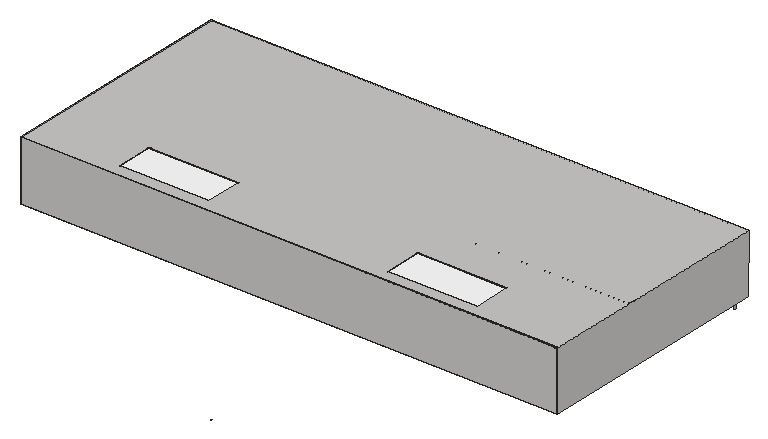
Revit family "QF_ELECTROLUXPROFESSIONAL_640207_EPF1636", category Attrezzature speciali, Revit 2021
Family settings
  Quota connettore circolare = Usa diametro
  Tipo di parte = Normale
  Basato su piano di lavoro = No
  Sempre verticale = Sì
  Taglio con vuoti quando caricato = No
  Condiviso = No
  Punto di calcolo locali = No
Parameters (values of type "Standard")
  Weight = 84.00 kg
  Watts = 0 W
  Volts = 0 V
  URL Manufacturer = "https://www.electroluxprofessional.com/"
  URL = "https://www.electroluxprofessional.com/"
  Steam Supply Size = 0 mm
  Steam Supply Minimum Pressure = 0.0 Pa
  Steam Supply Maximum Pressure = 0.0 Pa
  Steam Consumption per Hour = 0
  Refrigeration Suction Line Size = 0 mm
  Refrigeration Liquid Line Size = 0 mm
  Refrigerant Compressor Remote = yes
  Prospetto di default = 0 mm
  Produttore = "Electrolux Professional"
  Phase = 0
  Modello = "EPF1636"
  Length Actual = 3600 mm  # constant formula
  Item Number = "640207"
  Hot Water Size = 0 mm
  Height Actual = 400 mm  # constant formula
  HP = "0 HP"
  Gas Size = 0 mm
  Gas KW = 0
  Gas Input Pressure = 0 W
  Direct Waste Size = 0 mm
  Descrizione = "304 S/S WALL HOOD+FILTERS 360X160 CM"
  Depth Actual = 1600 mm  # constant formula
  Cycle = 0 Hz
  Condensate Return Size = 0 mm
  Compressed Air Volume = 0.0 L/s
  Compressed Air Size = 0 mm
  Compressed Air Pressure = 0.0 Pa
  Cold Water Size = 0 mm
  Accessory = yes
Reference planes
  plane 1: z = 0
  plane 2 "Center (Left/Right)": x = 150
  plane 3 "LEFT": x = -1650
  plane 4 "RIGHT": x = 1950
  plane 5 "BACK": y = 550
  plane 6 "TOP": z = 2400
  plane 7 "Base": z = 2000
  plane 8: z = 1970
  plane 9 "DrainY": y = 450
  plane 10: x = -1647
  plane 11: y = -720
  plane 12: y = -970
  plane 13 "DrainX": x = 1937
  plane 14 "AOLeft2": x = -450
  plane 15 "AORight1": x = 750
  plane 16: x = 1947
  plane 17: x = -1450
  plane 18: x = 1750
  plane 19: through (0, -449.6, 2399.19) normal (0, -0.5736, 0.8192)
  plane 20: x = 50
  plane 21: x = 250
  plane 22 "Center (Front/Back)": y = -250
  plane 23 "Front": y = -1050
  plane 24 "AOLeft1": x = -1050
  plane 25 "AORight2": x = 1350
Forms (mm)
  Extrusion 1, solid, material "QF_Finishes_Stainless Steel"
    sketch origin (-1650, 0, 360) x (0, 1, 0) y (0, 0, 1)
      loop
        line (550, 1640) -> (550, 2040) -> (-1050, 2040) -> (-1050, 1640) -> (550, 1640)
    from 0 to 3
  Extrusion 2, solid, material "QF_Finishes_Stainless Steel"
    sketch origin (1950, 0, 360) x (0, 1, 0) y (0, 0, 1)
      loop
        line (550, 1640) -> (550, 2040) -> (-1050, 2040) -> (-1050, 1640) -> (550, 1640)
    from 0 to -3
  Extrusion 3, solid, material "QF_Finishes_Stainless Steel"
    sketch origin (150, 0, 360) x (0, 1, 0) y (0, 0, 1)
      loop
        line (-1050, 2040) -> (-1050, 1640) -> (-1040, 1640) -> (-1040, 1640.8) -> (-1049.2, 1640.8) -> (-1049.2, 2039.19) -> (549.2, 2039.19) -> (549.2, 1640.8) -> (540, 1640.8) -> (540, 1640) -> (550, 1640) -> (550, 2040) -> (-1050, 2040)
    from -1800 to 1800
  Extrusion 4, solid, material "QF_Finishes_Stainless Steel"
    sketch origin (0, 0, 2000) x (0, 1, 0) y (-1, 0, 0)
      loop
        circle (450, -1937) r 4.763
    from -30 to 0
  Extrusion 5, void
    sketch origin (0, 0, 2400) x (0, 1, 0) y (-1, 0, 0)
      loop
        line (-720, 450) -> (-720, 1050) -> (-970, 1050) -> (-970, 450) -> (-720, 450)
    from 0 to -10
  Extrusion 6, solid, material "QF_Finishes_Stainless Steel"
    sketch origin (0, 0, 0) x (1, 0, 0) y (0, 1, 0)
      loop
        line (-1650, 550) -> (-1650, 549) -> (-1649, 549) -> (-1649, 550) -> (-1650, 550)
    from 0 to 1
  Extrusion 7, solid, material "QF_Finishes_Stainless Steel"
    sketch origin (150, 0, 360) x (0, 1, 0) y (0, 0, 1)
      loop
        line (-531.515, 1981.832) -> (-534.381, 1985.926) -> (-973.276, 1678.608) -> (-970.553, 1674.415) -> (-531.515, 1981.832)
    from -1600 to -1797
  Extrusion 8, solid, material "QF_Finishes_Stainless Steel"
    sketch origin (150, 0, 360) x (0, 1, 0) y (0, 0, 1)
      loop
        line (-1050, 2039.19) -> (-1050, 1640) -> (-1019.702, 1640) -> (-970.553, 1674.415) -> (-978.723, 1686.995) -> (-979.394, 1686.559) -> (-971.645, 1674.627) -> (-1019.955, 1640.8) -> (-1049.2, 1640.8) -> (-1049.2, 2039.19) -> (-1050, 2039.19)
      loop
        line (-449.6, 2039.19) -> (-450.995, 2039.19) -> (-531.319, 1982.947) -> (-539.464, 1994.578) -> (-540.119, 1994.12) -> (-531.515, 1981.832) -> (-449.6, 2039.19)
    from -1797 to 1797
  Extrusion 9, solid, material "QF_Finishes_Stainless Steel"
    sketch origin (150, 0, 360) x (0, 1, 0) y (0, 0, 1)
      loop
        line (-531.515, 1981.832) -> (-534.381, 1985.926) -> (-973.276, 1678.608) -> (-970.553, 1674.415) -> (-531.515, 1981.832)
    from 1797 to 1600
  Extrusion 10, solid, material "QF_Finishes_Stainless Steel"
    sketch origin (150, 0, 360) x (0, 1, 0) y (0, 0, 1)
      loop
        line (-531.515, 1981.832) -> (-534.381, 1985.926) -> (-973.276, 1678.608) -> (-970.553, 1674.415) -> (-531.515, 1981.832)
    from -100 to 100
  Extrusion 11, solid, material "QF_Finished_Chrome"
    sketch origin (150, 0, 360) x (0, 1, 0) y (0, 0, 1)
      loop
        line (-531.515, 1981.832) -> (-534.381, 1985.926) -> (-973.276, 1678.608) -> (-970.553, 1674.415) -> (-531.515, 1981.832)
    from -1600 to -100
  Extrusion 12, solid, material "QF_Finished_Chrome"
    sketch origin (150, 0, 360) x (0, 1, 0) y (0, 0, 1)
      loop
        line (-531.515, 1981.832) -> (-534.381, 1985.926) -> (-973.276, 1678.608) -> (-970.553, 1674.415) -> (-531.515, 1981.832)
    from 100 to 1600
  Sweep 13, solid, material "QF_Finishes_Stainless Steel"
    path origin (0, 0, 0) x (1, 0, 0) y (0, 1, 0)
      loop
        line (1950, 550) -> (-1650, 550) -> (-1650, -1050) -> (1950, -1050) -> (1950, 550)
    profile origin (1950, -250, 0) x (1, 0, 0) y (0, 0, 1)
      loop
        line (-3, 2000) -> (-3, 2000.8) -> (-19, 2000.8) -> (-19, 2010) -> (-20, 2010) -> (-20, 2000) -> (-3, 2000)
  Extrusion 14, solid, material "QF_Finishes_Stainless Steel"
    sketch origin (150, 0, 0) x (0, 1, 0) y (0, 0, 1)
      loop
        line (108.687, 2305.487) -> (549.2, 2040.8) -> (549.2, 2041.733) -> (109.285, 2306.061) -> (-443.438, 2399.19) -> (-445.739, 2399.19) -> (108.687, 2305.487)
    from -1797 to 1797
  Extrusion 15, void
    sketch origin (0, 0, 2400) x (0, 1, 0) y (-1, 0, 0)
      loop
        line (-720, -1350) -> (-720, -750) -> (-970, -750) -> (-970, -1350) -> (-720, -1350)
    from 0 to -10
Cuts and joins
  Extrusion 5, Extrusion 15 cuts Extrusion 3
  joined: Extrusion 2, Extrusion 3, Sweep 13
Lines and regions (mm)
  symbolic lines, style "SpecialityEquipment", detail levels coarse
    curve 1: line (1950, 550, 2400) -> (-1650, 550, 2400)
    curve 2: line (-1650, 550, 2400) -> (-1650, -1050.8, 2400)
    curve 3: line (1950, -1050.8, 2400) -> (1950, 550, 2400)
    curve 4: line (-1650, 550, 0) -> (1950, -1050, 0)
    curve 5: line (1950, 550, 0) -> (-1650, -1050, 0)
  symbolic lines, detail levels coarse
    curve 6: line (-1650, -1050, 0) -> (1950, -1050, 0)
    curve 7: line (-450, -720, 0) -> (-1050, -720, 0)
    curve 8: line (-450, -970, 0) -> (-450, -720, 0)
    curve 9: line (-1050, -970, 0) -> (-450, -970, 0)
    curve 10: line (-1050, -720, 0) -> (-1050, -970, 0)
    curve 11: line (1350, -720, 0) -> (750, -720, 0)
    curve 12: line (1350, -970, 0) -> (1350, -720, 0)
    curve 13: line (750, -970, 0) -> (1350, -970, 0)
    curve 14: line (750, -720, 0) -> (750, -970, 0)
Dimensions and locks
  plane 3 "LEFT" to plane 4 "RIGHT" = 3600 mm
  equal spacing: plane 3 "LEFT", plane 2 "Center (Left/Right)", plane 4 "RIGHT"
  plane 7 "Base" to plane 8 = 30 mm
  plane 5 "BACK" to plane 9 "DrainY" = 100 mm  (x2)
  plane 3 "LEFT" to plane 10 = 3 mm
  plane 13 "DrainX" to plane 4 "RIGHT" = 13 mm
  plane 16 to plane 4 "RIGHT" = 3 mm
  plane 3 "LEFT" to plane 17 = 200 mm
  plane 18 to plane 4 "RIGHT" = 200 mm
  locked: plane 14 "AOLeft2" to plane 15 "AORight1" at 1200
  equal spacing: plane 14 "AOLeft2", plane 2 "Center (Left/Right)", plane 15 "AORight1"
  locked: plane 7 "Base" to level at 2000
  locked: plane 6 "TOP" to plane 7 "Base" at 400
  locked: plane 20 to plane 21 at 200
  equal spacing: plane 20, plane 2 "Center (Left/Right)", plane 21
  locked: plane 11 to plane 12 at 250
  plane 5 "BACK" to plane 23 "Front" = 1600 mm  (x2)
  equal spacing: plane 5 "BACK", plane 22 "Center (Front/Back)", plane 23 "Front"
  plane 12 to plane 23 "Front" = 80 mm
  plane 24 "AOLeft1" to plane 14 "AOLeft2" = 600 mm
  plane 15 "AORight1" to plane 25 "AORight2" = 600 mm
  aligned and locked: level to plane 1
  aligned and locked: plane 4 "RIGHT" to Extrusion 3
  aligned and locked: Extrusion 3 to plane 3 "LEFT"
  aligned and locked: Extrusion 5 to plane 12
  aligned and locked: Extrusion 5 to plane 11
  aligned and locked: Extrusion 7 to plane 10
  aligned and locked: Extrusion 7 to plane 17
  aligned and locked: Extrusion 2 to plane 16
  aligned and locked: plane 16 to Extrusion 9
  aligned and locked: plane 18 to Extrusion 9
  aligned and locked: Extrusion 10 to plane 21
  aligned and locked: Extrusion 10 to plane 20
  aligned and locked: Extrusion 11 to plane 20
  aligned and locked: plane 17 to Extrusion 11
  aligned and locked: Extrusion 12 to plane 21
  aligned and locked: Extrusion 12 to plane 18
  aligned and locked: Extrusion 14 to plane 10
  aligned and locked: plane 16 to Extrusion 14
  aligned and locked: Extrusion 8 to plane 10
  aligned and locked: Extrusion 8 to plane 16
  aligned and locked: Extrusion 1 to plane 23 "Front"
  aligned and locked: Extrusion 5 to plane 24 "AOLeft1"
  aligned and locked: Extrusion 5 to plane 14 "AOLeft2"
  aligned and locked: plane 15 "AORight1" to Extrusion 15
  aligned and locked: plane 25 "AORight2" to Extrusion 15
Automatic sketch dimensions
  curve 6 to plane 3 "LEFT" = 0 mm
  curve 4 to plane 3 "LEFT" = 0 mm
  curve 5 to plane 4 "RIGHT" = 0 mm
  curve 6 to plane 4 "RIGHT" = 0 mm
  curve 4 to plane 23 "Front" = 0 mm
  curve 5 to plane 5 "BACK" = 0 mm
  curve 4 to plane 5 "BACK" = 0 mm
  curve 2 to plane 3 "LEFT" = 0 mm
  curve 3 to plane 4 "RIGHT" = 0 mm
  curve 2 to plane 5 "BACK" = 0 mm
  curve 3 to plane 23 "Front" = 0.8 mm
  curve 2 to plane 23 "Front" = 0.8 mm
  Extrusion 1 sketch curve to plane 7 "Base" = 0 mm
  Extrusion 1 sketch curve to plane 23 "Front" = 0 mm
  Extrusion 1 sketch curve to plane 5 "BACK" = 0 mm
  Extrusion 1 sketch curve to plane 6 "TOP" = 0 mm
  Extrusion 2 sketch curve to plane 7 "Base" = 0 mm
  Extrusion 2 sketch curve to plane 23 "Front" = 0 mm
  Extrusion 2 sketch curve to plane 5 "BACK" = 0 mm
  Extrusion 2 sketch curve to plane 6 "TOP" = 0 mm
  Extrusion 3 sketch curve to plane 6 "TOP" = 0 mm
  Extrusion 3 sketch curve to plane 23 "Front" = 0 mm
  Extrusion 3 sketch curve to plane 7 "Base" = 0 mm  (x2)
  Extrusion 3 sketch curve to plane 5 "BACK" = 0 mm
  plane 23 "Front" to Extrusion 3 sketch curve = 0.8 mm
  Extrusion 3 sketch curve to Extrusion 3 sketch curve = 9.2 mm
  plane 7 "Base" to Extrusion 3 sketch curve = 0.8 mm  (x2)
  Extrusion 3 sketch curve to plane 5 "BACK" = 10 mm
  Extrusion 3 sketch curve to plane 5 "BACK" = 0.8 mm
  Extrusion 3 sketch curve to plane 6 "TOP" = 0.81 mm
  Extrusion 4 sketch curve to plane 9 "DrainY" = 0 mm
  Extrusion 4 sketch curve to plane 13 "DrainX" = 0 mm
  Extrusion 5 sketch curve to plane 12 = 0 mm
  plane 11 to Extrusion 5 sketch curve = 0 mm
  Extrusion 5 sketch curve to plane 14 "AOLeft2" = 0 mm
  Extrusion 5 sketch curve to plane 24 "AOLeft1" = 0 mm
  Extrusion 6 sketch curve to plane 3 "LEFT" = 0 mm
  Extrusion 6 sketch curve to plane 5 "BACK" = 0 mm
  plane 3 "LEFT" to Extrusion 6 sketch curve = 1 mm
  Extrusion 6 sketch curve to Extrusion 6 sketch curve = 1 mm
  Extrusion 7 sketch curve to plane 19 = 0 mm  (x2)
  Extrusion 7 sketch curve to plane 12 = 3.276 mm
  Extrusion 7 sketch curve to plane 12 = 0.553 mm
  Extrusion 7 sketch curve to plane 6 "TOP" = 54.074 mm
  Extrusion 7 sketch curve to plane 11 = 185.619 mm
  Extrusion 8 sketch curve to plane 23 "Front" = 0 mm
  Extrusion 8 sketch curve to plane 7 "Base" = 0 mm
  Extrusion 8 sketch curve to plane 19 = 0 mm  (x4)
  plane 23 "Front" to Extrusion 8 sketch curve = 0.8 mm
  Extrusion 8 sketch curve to Extrusion 8 sketch curve = 0.252 mm
  Extrusion 8 sketch curve to plane 12 = 9.394 mm
  Extrusion 8 sketch curve to Extrusion 8 sketch curve = 0.671 mm
  Extrusion 8 sketch curve to plane 12 = 1.645 mm
  Extrusion 8 sketch curve to plane 12 = 0.553 mm
  Extrusion 8 sketch curve to plane 6 "TOP" = 45.88 mm
  Extrusion 8 sketch curve to plane 11 = 179.881 mm
  Extrusion 8 sketch curve to plane 6 "TOP" = 45.422 mm
  Extrusion 8 sketch curve to plane 6 "TOP" = 57.053 mm
  Extrusion 8 sketch curve to plane 6 "TOP" = 0.81 mm  (x2)
  plane 7 "Base" to Extrusion 8 sketch curve = 0.8 mm
  Extrusion 8 sketch curve to Extrusion 8 sketch curve = 0.212 mm
  Extrusion 9 sketch curve to plane 19 = 0 mm  (x2)
  Extrusion 9 sketch curve to plane 12 = 3.276 mm
  Extrusion 9 sketch curve to plane 12 = 0.553 mm
  Extrusion 9 sketch curve to plane 6 "TOP" = 54.074 mm
  Extrusion 9 sketch curve to plane 11 = 185.619 mm
  Extrusion 10 sketch curve to plane 19 = 0 mm  (x2)
  Extrusion 10 sketch curve to plane 12 = 3.276 mm
  Extrusion 10 sketch curve to plane 12 = 0.553 mm
  Extrusion 10 sketch curve to plane 6 "TOP" = 54.074 mm
  Extrusion 10 sketch curve to plane 11 = 185.619 mm
  Extrusion 11 sketch curve to plane 19 = 0 mm  (x2)
  Extrusion 11 sketch curve to plane 12 = 3.276 mm
  Extrusion 11 sketch curve to plane 12 = 0.553 mm
  Extrusion 11 sketch curve to plane 6 "TOP" = 54.074 mm
  Extrusion 11 sketch curve to plane 11 = 185.619 mm
  Extrusion 12 sketch curve to plane 19 = 0 mm  (x2)
  Extrusion 12 sketch curve to plane 12 = 3.276 mm
  Extrusion 12 sketch curve to plane 12 = 0.553 mm
  Extrusion 12 sketch curve to plane 6 "TOP" = 54.074 mm
  Extrusion 12 sketch curve to plane 11 = 185.619 mm
  Sweep 13 sketch curve to plane 3 "LEFT" = 0 mm
  Sweep 13 sketch curve to plane 4 "RIGHT" = 0 mm
  Sweep 13 sketch curve to plane 23 "Front" = 0 mm
  Sweep 13 sketch curve to plane 5 "BACK" = 0 mm
  profile plane to Sweep 13 sketch curve = 20 mm
  Sweep 13 sketch curve to Sweep 13 sketch curve = 1 mm
  profile plane to Sweep 13 sketch curve = 3 mm
  level to Sweep 13 sketch curve = 2000 mm
  Sweep 13 sketch curve to Sweep 13 sketch curve = 0.8 mm
  Sweep 13 sketch curve to Sweep 13 sketch curve = 9.2 mm
  Extrusion 14 sketch curve to plane 6 "TOP" = 0.81 mm
  Extrusion 14 sketch curve to plane 22 "Center (Front/Back)" = 195.739 mm
  Extrusion 14 sketch curve to Extrusion 14 sketch curve = 2.3 mm
  Extrusion 14 sketch curve to plane 6 "TOP" = 94.513 mm
  Extrusion 14 sketch curve to plane 9 "DrainY" = 341.313 mm
  Extrusion 14 sketch curve to plane 6 "TOP" = 93.939 mm
  Extrusion 14 sketch curve to Extrusion 14 sketch curve = 0.598 mm
  Extrusion 14 sketch curve to plane 5 "BACK" = 0.8 mm
  plane 7 "Base" to Extrusion 14 sketch curve = 41.733 mm
  Extrusion 14 sketch curve to Extrusion 14 sketch curve = 0.933 mm
  Extrusion 15 sketch curve to plane 12 = 0 mm
  plane 11 to Extrusion 15 sketch curve = 0 mm
  Extrusion 15 sketch curve to plane 14 "AOLeft2" = 1800 mm
  plane 24 "AOLeft1" to Extrusion 15 sketch curve = 1800 mm
  plane 11 to curve 7 = 0 mm
  curve 8 to plane 12 = 0 mm
  curve 8 to plane 14 "AOLeft2" = 0 mm
  curve 9 to plane 24 "AOLeft1" = 0 mm
  plane 11 to curve 11 = 0 mm
  curve 11 to plane 15 "AORight1" = 0 mm
  curve 12 to plane 12 = 0 mm
  curve 12 to plane 25 "AORight2" = 0 mm
  radius of Extrusion 4 sketch curve = 4.763 mm
Connectors
  piping at (1937, 450, 1970), diameter 9.5
    settings: on Extrusion 4, index 1, connector inside diameter 609.6 mm, connector length 0 mm, flow factor 0, pipe flow 0.0 L/s, pressure drop 0.0 Pa, fitting loss kfactor 0, connector angle 0.00°, fixture units 0, engagement length 0 mm, angle of deflection 0.00°, flow configuration 1, flow direction 2, fitting loss method 0, system type 16, joint type 0, gender type 0, connector reference index -1, connector utility 0, adjustable connector no, is connector primary yes, connector description "Drain"
  hvac at (-750, -845, 2400)
    settings: on Extrusion 5, index 2, duct flow 0.0 L/s, flow factor 0, pres drop 0.0 Pa, loss coef 0, conn angle 0.00°, conn width 250 mm, conn height 600 mm, conn diameter 609.6 mm, duct sys type 3, conn prof type 1, flow config 1, flow direction 0, loss method 0, conn ref index -1, conn util no, is conn primary yes, conn desc "EXHAUST OUTLET"
  hvac at (1050, -845, 2400)
    settings: on Extrusion 15, index 3, duct flow 0.0 L/s, flow factor 0, pres drop 0.0 Pa, loss coef 0, conn angle 0.00°, conn width 250 mm, conn height 600 mm, conn diameter 609.6 mm, duct sys type 3, conn prof type 1, flow config 1, flow direction 2, loss method 0, conn ref index -1, conn util no, is conn primary no, conn desc "EXHAUST OUTLET"
